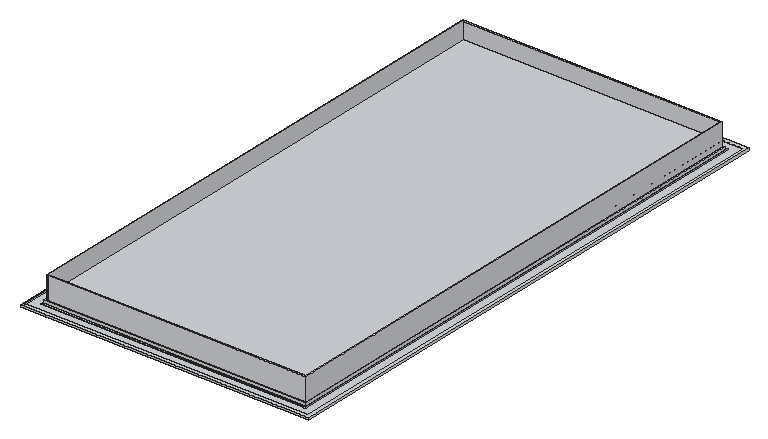
Revit family "RCTB", category Air Terminals, Revit 2012
Parameters (values of type "RCTB-48X24")
  b = B + 2 7/16"  # 26 7/16"
  a = A + 2 7/16"  # 50 7/16"
  Width = B1 + 2"  # 25 3/4"
  URL = "http://www.innes.com.mx"
  Mínima velocidad de cuello = 0 FPM
  Mínima presión estática = 0.00 in-wg
  Máximo nivel de ruido (NC) = ""
  Máxima velocidad de cuello = 0 FPM
  Máxima presión estática = 0.00 in-wg
  Material = ""
  Manufacturer = "INNES"
  Height = A1 + 2"  # 49 3/4"
  Cuello = ""
  B1 = B - 1/4"  # 23 3/4"
  B = 24"
  A1 = A - 1/4"  # 47 3/4"
  A = 48"
Types (5): name | b | a | Width | Height | B1 | B | A1 | A
  (no name) | 26 7/16" | 50 7/16" | 25 3/4" | 49 3/4" | 23 3/4" | 24" | 47 3/4" | 48"
  RCTB-18X18 | 20 7/16" | 20 7/16" | 19 3/4" | 19 3/4" | 17 3/4" | 18" | 17 3/4" | 18"
  RCTB-24X24 | 26 7/16" | 26 7/16" | 25 3/4" | 25 3/4" | 23 3/4" | 24" | 23 3/4" | 24"
  RCTB-26X26 | 28 7/16" | 28 7/16" | 27 3/4" | 27 3/4" | 25 3/4" | 26" | 25 3/4" | 26"
  RCTB-48X24 | 26 7/16" | 50 7/16" | 25 3/4" | 49 3/4" | 23 3/4" | 24" | 47 3/4" | 48"
Reference planes (in)
  plane 1 "Center (Front/Back)": y = 0
  plane 2: z = 0
  plane 3 "Center (Left/Right)": x = 0
  plane 4: x = -13.21875
  plane 5: x = 13.21875
  plane 6: y = 25.21875
  plane 7: y = -25.21875
  plane 8: x = -11.875
  plane 9: x = 11.875
  plane 10: y = 23.875
  plane 11: y = -23.875
  plane 12: z = 2.5
  plane 13: z = 0.96875
  plane 14: y = -23.8125
  plane 15: y = 23.8125
  plane 16: x = -11.8125
  plane 17: x = 11.8125
Forms (in)
  Sweep 1, solid
    path origin (0, 0, 0) x (1, 0, 0) y (0, 1, 0)
      loop
        line (-11.875, 23.875) -> (-11.875, -23.875) -> (11.875, -23.875) -> (11.875, 23.875) -> (-11.875, 23.875)
    profile origin (0, 23.875, 0) x (0, 1, 0) y (0, 0, 1)
      loop
        line (-0.0625, 2.5) -> (-0.0625, 0) -> (1.34375, 0) -> (1.34375, 0.1875) -> (1.09375, 0.1875) -> (1.09375, 0.1409) -> (1.29998, 0.1409) -> (1.29998, 0.0371) -> (0.12495, 0.0371) -> (0.12495, 0.1409) -> (0.28108, 0.1409)
        arc (0.28108, 0.1409) -> (0.30438, 0.1642) -> (0.28108, 0.1875) r 0.0233
        line (0.28108, 0.1875) -> (0.12495, 0.1875) -> (0.12495, 0.4375) -> (0, 0.4375) -> (0, 2.5) -> (-0.0625, 2.5)
  Extrusion 2, solid
    sketch origin (0, 0, 0) x (1, 0, 0) y (0, 1, 0)
      loop
        line (-11.875, 23.8125) -> (-11.875, -23.8125) -> (11.875, -23.8125) -> (11.875, 23.8125) -> (-11.875, 23.8125)
    from 0 to 0.96875
Dimensions and locks (in)
  equal spacing: plane 4, plane 3 "Center (Left/Right)", plane 5
  "b": plane 4 to plane 5
  equal spacing: plane 6, plane 1 "Center (Front/Back)", plane 7
  "a": plane 6 to plane 7
  equal spacing: plane 8, plane 3 "Center (Left/Right)", plane 9
  "B1": plane 8 to plane 9
  equal spacing: plane 10, plane 1 "Center (Front/Back)", plane 11
  "A1": plane 10 to plane 11
  locked: plane 12 to level at 2.5
  locked: plane 13 to level at 0.96875
  locked: plane 14 to plane 11 at 0.0625
  locked: plane 10 to plane 15 at 0.0625
  locked: Sweep 1 sketch curve to Sweep 1 sketch curve at 0.0466
  locked: Sweep 1 sketch curve to Sweep 1 sketch curve at 0.04377
  locked: Sweep 1 sketch curve to Extrusion 2 at 0.18745
  locked: Sweep 1 sketch curve to Sweep 1 sketch curve at 0.0625
  locked: plane 8 to plane 16 at 0.0625
  locked: plane 17 to plane 9 at 0.0625
  aligned and locked: plane 2 to level
  aligned and locked: Sweep 1 sketch curve to plane 10
  aligned and locked: Sweep 1 sketch curve to plane 8
  aligned and locked: plane 11 to Sweep 1 sketch curve
  aligned and locked: Sweep 1 sketch curve to plane 9
  aligned and locked: Extrusion 2 sketch curve to plane 15
  aligned and locked: Extrusion 2 sketch curve to plane 8
  aligned and locked: plane 14 to Extrusion 2 sketch curve
  aligned and locked: Extrusion 2 sketch curve to plane 9
  aligned and locked: plane 13 to Extrusion 2
  aligned and locked: Sweep 1 sketch curve to plane 6
  aligned and locked: level to Sweep 1 sketch curve
  aligned and locked: plane 15 to Sweep 1 sketch curve
  aligned and locked: Sweep 1 sketch curve to plane 12
  aligned and locked: plane 6 to Sweep 1  (x2)
  aligned and locked: plane 10 to Sweep 1  (x3)
  aligned and locked: Sweep 1 to plane 15
  aligned and locked: Sweep 1 to plane 7
  aligned and locked: Sweep 1 to plane 11
  aligned and locked: plane 14 to Sweep 1
  aligned and locked: Sweep 1 to plane 4
  aligned and locked: Extrusion 2 to plane 8
  aligned and locked: plane 16 to Sweep 1
  aligned and locked: plane 5 to Sweep 1
  aligned and locked: plane 9 to Extrusion 2
  aligned and locked: Sweep 1 to plane 17
  aligned and locked: plane 15 to Extrusion 2
  aligned and locked: Sweep 1 to plane 9
  aligned and locked: Sweep 1 to plane 8
Automatic sketch dimensions
  Sweep 1 sketch curve to Sweep 1 sketch curve = 0"
  Sweep 1 sketch curve to Sweep 1 sketch curve = 0.15613"
  level to Sweep 1 sketch curve = 3/16"
  level to Sweep 1 sketch curve = 0.0371"
  Sweep 1 sketch curve to Sweep 1 sketch curve = 0.20623"
  level to Sweep 1 sketch curve = 0.1409"
  Sweep 1 sketch curve to Sweep 1 sketch curve = 0.0233"
  Sweep 1 sketch curve to Sweep 1 sketch curve = 1/4"
Connectors (in)
  hvac at (0, 0, 0.0371), driven by "Height", driven by "Width"
    settings: on Sweep 1, index 1, duct flow 0 CFM, flow factor 0, pres drop 0.00 in-wg, loss coef 0, conn angle 0.00°, conn width 25 3/4", conn height 49 3/4", conn radius 12", duct sys type 1, conn prof type 1, flow config 0, flow direction 0, loss method 0, conn ref index -1, conn util no, is conn primary yes, conn desc ""
